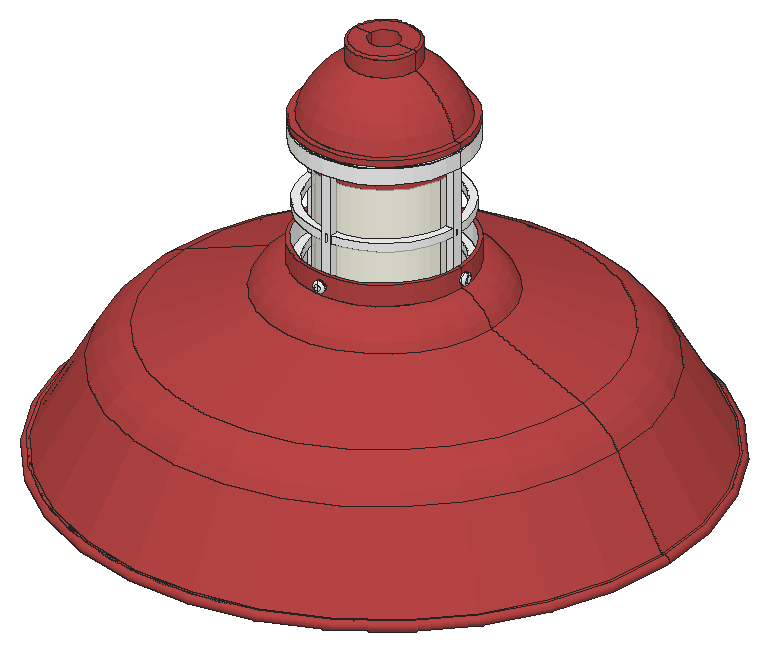
Revit family "WCG16", category Lighting Fixtures, Revit 2024
Family settings
  Round Connector Dimension = Use Diameter
  Part Type = Normal
  OmniClass Number = 23.80.70.00
  OmniClass Title = Lighting
  Work Plane-Based = No
  Always vertical = Yes
  Cut with Voids When Loaded = No
  Light Source = No
  Maintain Annotation Orientation = No
  Shared = No
  Room Calculation Point = No
Parameters
  Default Elevation = 0' - 0"
Reference planes (in)
  plane 1 "Light Source Axis (F/B)": y = 0
  plane 2: z = 0
  plane 3 "Light Source Axis (L/R)": x = 0
  plane 4 "Light Source Elevation": z = 84
Forms (in)
  Extrusion 1, solid, material "44"
    sketch origin (6.84003, -1.34798, 7.41175) x (1, 0, 0) y (0, 0, 1)
      loop
        line (-4.78958, 84.58935) -> (-4.99147, 84.58935) -> (-4.99147, 79.4727)
        arc (-4.99147, 79.4727) -> (-5.57549, 78.12432) -> (-6.95853, 77.62794) r 1.84856
        arc (-6.95853, 77.62794) -> (-8.1884, 78.20816) -> (-8.68859, 79.4727) r 1.84856
        line (-8.68859, 79.4727) -> (-8.68859, 84.58935) -> (-8.89048, 84.58935) -> (-8.89048, 79.4727)
        arc (-8.89048, 79.4727) -> (-6.84003, 77.42225) -> (-4.78958, 79.4727) r 2.05045
        line (-4.78958, 79.4727) -> (-4.78958, 84.58935)
    from -1.47618 to -1.22382
  Revolve 2, solid, material "44"
    sketch origin (6.84003, 0, 7.41175) x (1, 0, 0) y (0, 0, 1)
      loop
        line (-4.69794, 85.06325) -> (-4.69794, 85.21325) -> (-4.8646, 85.21325)
        arc (-4.8646, 85.21325) -> (-5.25766, 86.02652) -> (-5.96503, 86.58825) r 2.02674
        line (-5.96503, 86.58825) -> (-5.96503, 87.02575)
        arc (-5.96503, 87.02575) -> (-5.98334, 87.06994) -> (-6.02753, 87.08825) r 0.0625
        line (-6.02753, 87.08825) -> (-6.45092, 87.08825) -> (-6.45092, 86.65354)
        arc (-6.45092, 86.65354) -> (-5.46253, 86.11619) -> (-4.94074, 85.1195) r 1.93299
        line (-4.94074, 85.1195) -> (-4.83639, 85.1195) -> (-4.83639, 84.89938) -> (-4.79169, 84.89938) -> (-4.79169, 84.6831) -> (-5.08522, 84.6831) -> (-5.08522, 84.30461) -> (-4.99147, 84.30461) -> (-4.99147, 84.58935) -> (-4.69794, 84.58935) -> (-4.69794, 84.99313) -> (-4.74264, 84.99313) -> (-4.74264, 85.06325) -> (-4.69794, 85.06325)
      loop
        line (-4.99147, 82.87328) -> (-4.78958, 82.87328) -> (-4.78958, 83.07517) -> (-4.99147, 83.07517) -> (-4.99147, 82.87328)
      loop
        line (-4.99147, 81.35911) -> (-4.78958, 81.35911) -> (-4.78958, 81.561) -> (-4.99147, 81.561) -> (-4.99147, 81.35911)
      loop
        line (-4.99147, 79.84493) -> (-4.78958, 79.84493) -> (-4.78958, 80.04682) -> (-4.99147, 80.04682) -> (-4.99147, 79.84493)
      loop
        line (-5.24003, 84.58935) -> (-5.33378, 84.58935) -> (-5.33378, 79.6014)
        arc (-5.33378, 79.6014) -> (-5.77495, 78.53632) -> (-6.84003, 78.09515) r 1.50625
        line (-6.84003, 78.09515) -> (-6.84003, 78.0014)
        arc (-6.84003, 78.0014) -> (-5.70866, 78.47003) -> (-5.24003, 79.6014) r 1.6
        line (-5.24003, 79.6014) -> (-5.24003, 84.58935)
      axis (-6.84003, 87.08825) -> (-6.84003, 78.0014)
    angle from 0 to 360
  Extrusion 3, solid, material "44"
    sketch origin (5.40871, -9.34798, 7.41175) x (0, -1, 0) y (0, 0, 1)
      loop
        line (-11.40045, 84.58935) -> (-11.40045, 79.4727)
        arc (-11.40045, 79.4727) -> (-9.35, 77.42225) -> (-7.29955, 79.4727) r 2.05045
        line (-7.29955, 79.4727) -> (-7.29955, 84.58935) -> (-7.50144, 84.58935) -> (-7.50144, 79.4727)
        arc (-7.50144, 79.4727) -> (-8.05489, 78.15366) -> (-9.38383, 77.62445) r 1.84856
        arc (-9.38383, 77.62445) -> (-10.66903, 78.17758) -> (-11.19856, 79.4727) r 1.84856
        line (-11.19856, 79.4727) -> (-11.19856, 84.58935) -> (-11.40045, 84.58935)
    from 5.28252 to 5.53489
  Revolve 4, solid, material "44"
    sketch origin (0, 0, 29.75) x (1, 0, 0) y (0, 0, 1)
      loop
        line (2.35226, 59.5) -> (2.35226, 59.59)
        arc (2.35226, 59.59) -> (2.33469, 59.63243) -> (2.29226, 59.65) r 0.06
        line (2.29226, 59.65) -> (2.25008, 59.65) -> (2.25008, 59.57321) -> (1.99937, 59.57321) -> (1.99937, 59.5) -> (2.35226, 59.5)
      axis (2.35226, 59.5) -> (1.99937, 59.5)
    angle from 0 to 360
  Revolve 5, solid, material "44"
    sketch origin (0, 0, 29.75) x (0, -1, 0) y (0, 0, 1)
      loop
        line (2.35226, 59.5) -> (2.35226, 59.59)
        arc (2.35226, 59.59) -> (2.33469, 59.63243) -> (2.29226, 59.65) r 0.06
        line (2.29226, 59.65) -> (2.25008, 59.65) -> (2.25008, 59.57321) -> (1.99937, 59.57321) -> (1.99937, 59.5) -> (2.35226, 59.5)
      axis (2.35226, 59.5) -> (1.99937, 59.5)
    angle from 0 to 360
  Revolve 6, solid, material "44"
    sketch origin (0, 0, 29.75) x (0, 1, 0) y (0, 0, 1)
      loop
        line (2.35226, 59.5) -> (2.35226, 59.59)
        arc (2.35226, 59.59) -> (2.33469, 59.63243) -> (2.29226, 59.65) r 0.06
        line (2.29226, 59.65) -> (2.25008, 59.65) -> (2.25008, 59.57321) -> (1.99937, 59.57321) -> (1.99937, 59.5) -> (2.35226, 59.5)
      axis (2.35226, 59.5) -> (1.99937, 59.5)
    angle from 0 to 360
  Revolve 7, solid, material "44"
    sketch origin (0, 0, 29.75) x (-1, 0, 0) y (0, 0, 1)
      loop
        line (2.35226, 59.5) -> (2.35226, 59.59)
        arc (2.35226, 59.59) -> (2.33469, 59.63243) -> (2.29226, 59.65) r 0.06
        line (2.29226, 59.65) -> (2.25008, 59.65) -> (2.25008, 59.57321) -> (1.99937, 59.57321) -> (1.99937, 59.5) -> (2.35226, 59.5)
      axis (2.35226, 59.5) -> (1.99937, 59.5)
    angle from 0 to 360
  Revolve 8, solid, material "44"
    sketch origin (0, 0, 0) x (1, 0, 0) y (0, 0, 1)
      loop
        arc (-7.875, 84.25) -> (-7.95402, 84.02814) -> (-7.75255, 84.1501) r 0.125
        line (-7.75255, 84.1501) -> (-6.49637, 86.3411)
        arc (-6.49637, 86.3411) -> (-6.08661, 86.83738) -> (-5.53506, 87.16901) r 1.90625
        line (-5.53506, 87.16901) -> (-2.94574, 88.1785)
        arc (-2.94574, 88.1785) -> (-2.61885, 88.66264) -> (-2.0817, 88.89223) r 1.03354
        line (-2.0817, 88.89223) -> (-2.0817, 89.49995) -> (-2.17545, 89.49995) -> (-2.17545, 88.97244)
        arc (-2.17545, 88.97244) -> (-2.69319, 88.72263) -> (-3.02043, 88.25) r 1.12729
        line (-3.02043, 88.25) -> (-5.56911, 87.25636)
        arc (-5.56911, 87.25636) -> (-6.14779, 86.90841) -> (-6.5777, 86.38773) r 2
        line (-6.5777, 86.38773) -> (-7.80333, 84.25) -> (-7.875, 84.25)
      axis (0, 89.49995) -> (0, 84.1501)
    angle from 0 to 360
Dimensions and locks (in)
  aligned and locked: level to plane 2
